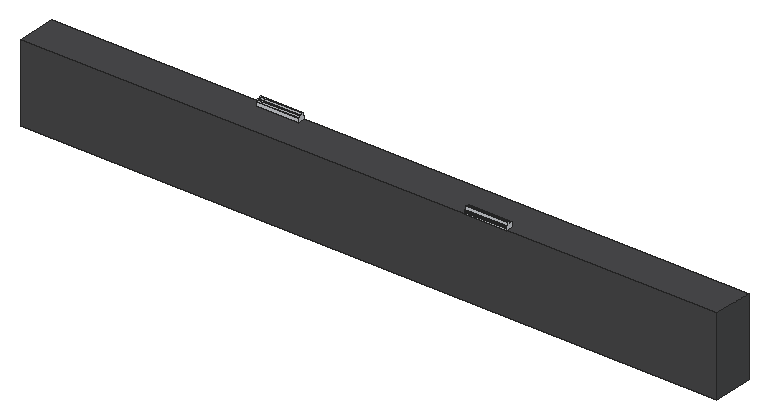
Revit family "DTM30W6.1.24", category Luminarias, Revit 2019
Family settings
  Cota de conector redondo = Diámetro de uso
  Tipo de pieza = Normal
  Se basa en plano de trabajo = Sí
  Siempre vertical = Sí
  Corte con vacíos al cargar = No
  Origen de luz = Sí
  Compartido = No
  Punto de cálculo de habitación = No
Parameters (values of type "RECTANGULAR DWN RIEL_DTM30W6.1.24")
  Ángulo de inclinación = 60.00°
  Zone [instance] = ""
  Watt per fixture = 15
  Wattage = 30.4 W
  built-in parameter 1150107 = 3000 (stored number, unit not read)
  built-in parameter 1150110 = 1 (stored number, unit not read)
  built-in parameter 1150109 = 1 (stored number, unit not read)
  built-in parameter 1150112 = 1 (stored number, unit not read)
  built-in parameter 1150113 = 1 (stored number, unit not read)
  built-in parameter 1114218 = 1 (stored number, unit not read)
  Keynote = ""
  built-in parameter 1150137 = (empty or 0)
  built-in parameter 1150132 = (empty or 0)
  Modelo = "DTM30W6.1.24"
  Lámpara = "3030SMD PHILIPS"
  built-in parameter 1150105 = 12785.8 (stored number, unit not read)
  built-in parameter 1150102 = (empty or 0)
  built-in parameter 1150106 = 127.86 (stored number, unit not read)
  Lumens = 2584 lm
  Color Filter = 16777215
  built-in parameter 1114217 = 1 (stored number, unit not read)
  built-in parameter 1150139 = (empty or 0)
  Fabricante = "BRILLANT"
  Default Elevation = 1219.2 mm
  built-in parameter 1150104 = 7.8968 (stored number, unit not read)
  Descripción = "LUMINARIA DOWNLIGHT EN FORMATO RECTANGULAR COMPATIBLE CON RIEL DE 6 ENTRADAS Y 3 CIRCUITOS, CUERPO DE ALUMINIO ACABADO EN COLOR NEGRO, IP 20, PESO 1.40Kg, TIPO DE LED 3030SMD PHILIPS CON 30.4W TOTAL, 1400 LUMENES, 85LM/W, IRC 90, TEMPERATURA EN BLANCO CALIDO 3000K, 50 MIL HORAS DE VIDA PROMEDIO, APERTURA DE 24 GRADOS POR STOCK, ALIMENTADO A 90-240V"
  built-in parameter 1150115 = 1 (stored number, unit not read)
  built-in parameter 1150114 = 1 (stored number, unit not read)
  Comentarios de vataje = "90-240V"
  built-in parameter 1150138 = (empty or 0)
  built-in parameter 1150134 = (empty or 0)
  Circuit [instance] = ""
  Dimming Lamp Color Temperature Shift = (empty or 0)
  Archivo de red fotométrica = "L646A-30W-830-B-24_IESNA95.IES"
  built-in parameter 1150133 = 10 (stored number, unit not read)
Reference planes
  plane 1 "Centro (Frontal/Posterior)": y = 0
  plane 2: z = 0
  plane 3 "Centro (Izquierda/Derecha)": x = 0
Forms (mm)
  Extrusion 1, solid, material "Default Form"
    sketch origin (0, 0, 0) x (1, 0, 0) y (0, 0, 1)
      loop
        line (-323, 0) -> (-323, -72) -> (323, -72) -> (323, 0) -> (-323, 0)
    from -18.326 to 18.326
  Extrusion 2, solid
    sketch origin (0, 0, 3.217) x (0, 1, 0) y (0, 0, 1)
      loop
        line (-12.149, -3.217) -> (-12.149, 0) -> (-12.935, 0) -> (-12.935, 1.637) -> (-13.796, 1.637) -> (-13.796, 0) -> (-14.582, 0) -> (-14.582, 0.811) -> (-15.443, 0.811) -> (-15.443, 0) -> (-16.233, 0) -> (-16.233, 2.691) -> (-17.279, 2.691) -> (-17.279, 0) -> (-18.061, 0) -> (-18.061, -0.861) -> (-17.162, -0.861) -> (-17.162, -2.042) -> (-18.326, -2.042) -> (-18.326, -3.217) -> (-12.149, -3.217)
    from 89.098 to 128.24
  Extrusion 3, solid
    sketch origin (0, 0, 3.217) x (0, -1, 0) y (0, 0, 1)
      loop
        line (-12.149, -3.217) -> (-12.149, 0) -> (-12.935, 0) -> (-12.935, 1.637) -> (-13.796, 1.637) -> (-13.796, 0) -> (-14.582, 0) -> (-14.582, 0.811) -> (-15.443, 0.811) -> (-15.443, 0) -> (-16.233, 0) -> (-16.233, 2.691) -> (-17.279, 2.691) -> (-17.279, 0) -> (-18.061, 0) -> (-18.061, -0.861) -> (-17.162, -0.861) -> (-17.162, -2.042) -> (-18.326, -2.042) -> (-18.326, -3.217) -> (-12.149, -3.217)
    from 89.098 to 128.24
  Blend 4, void
    base sketch origin (-142.93, 0, 0) x (1, 0, 0) y (0, 1, 0)
      loop
        line (-162, 16.149) -> (-162, -16.149) -> (-144.14, -16.149) -> (-144.14, 16.149) -> (-162, 16.149)
    top sketch origin (-142.93, 0, 0) x (1, 0, 0) y (0, 1, 0)
      loop
        line (-160, 12.149) -> (-160, -12.149) -> (-146.14, -12.149) -> (-146.14, 12.149) -> (-160, 12.149)
    from -72 to -61.591
  Blend 5, void
    base sketch origin (-115.93, 0, 0) x (1, 0, 0) y (0, 1, 0)
      loop
        line (-162, 16.149) -> (-162, -16.149) -> (-144.14, -16.149) -> (-144.14, 16.149) -> (-162, 16.149)
    top sketch origin (-115.93, 0, 0) x (1, 0, 0) y (0, 1, 0)
      loop
        line (-160, 12.149) -> (-160, -12.149) -> (-146.14, -12.149) -> (-146.14, 12.149) -> (-160, 12.149)
    from -72 to -61.591
  Blend 6, void
    base sketch origin (-88.93, 0, 0) x (1, 0, 0) y (0, 1, 0)
      loop
        line (-162, 16.149) -> (-162, -16.149) -> (-144.14, -16.149) -> (-144.14, 16.149) -> (-162, 16.149)
    top sketch origin (-88.93, 0, 0) x (1, 0, 0) y (0, 1, 0)
      loop
        line (-160, 12.149) -> (-160, -12.149) -> (-146.14, -12.149) -> (-146.14, 12.149) -> (-160, 12.149)
    from -72 to -61.591
  Blend 7, void
    base sketch origin (-61.93, 0, 0) x (1, 0, 0) y (0, 1, 0)
      loop
        line (-162, 16.149) -> (-162, -16.149) -> (-144.14, -16.149) -> (-144.14, 16.149) -> (-162, 16.149)
    top sketch origin (-61.93, 0, 0) x (1, 0, 0) y (0, 1, 0)
      loop
        line (-160, 12.149) -> (-160, -12.149) -> (-146.14, -12.149) -> (-146.14, 12.149) -> (-160, 12.149)
    from -72 to -61.591
  Blend 8, void
    base sketch origin (-34.93, 0, 0) x (1, 0, 0) y (0, 1, 0)
      loop
        line (-162, 16.149) -> (-162, -16.149) -> (-144.14, -16.149) -> (-144.14, 16.149) -> (-162, 16.149)
    top sketch origin (-34.93, 0, 0) x (1, 0, 0) y (0, 1, 0)
      loop
        line (-160, 12.149) -> (-160, -12.149) -> (-146.14, -12.149) -> (-146.14, 12.149) -> (-160, 12.149)
    from -72 to -61.591
  Blend 9, void
    base sketch origin (-7.93, 0, 0) x (1, 0, 0) y (0, 1, 0)
      loop
        line (-162, 16.149) -> (-162, -16.149) -> (-144.14, -16.149) -> (-144.14, 16.149) -> (-162, 16.149)
    top sketch origin (-7.93, 0, 0) x (1, 0, 0) y (0, 1, 0)
      loop
        line (-160, 12.149) -> (-160, -12.149) -> (-146.14, -12.149) -> (-146.14, 12.149) -> (-160, 12.149)
    from -72 to -61.591
  Blend 10, void
    base sketch origin (19.07, 0, 0) x (1, 0, 0) y (0, 1, 0)
      loop
        line (-162, 16.149) -> (-162, -16.149) -> (-144.14, -16.149) -> (-144.14, 16.149) -> (-162, 16.149)
    top sketch origin (19.07, 0, 0) x (1, 0, 0) y (0, 1, 0)
      loop
        line (-160, 12.149) -> (-160, -12.149) -> (-146.14, -12.149) -> (-146.14, 12.149) -> (-160, 12.149)
    from -72 to -61.591
  Blend 11, void
    base sketch origin (46.07, 0, 0) x (1, 0, 0) y (0, 1, 0)
      loop
        line (-162, 16.149) -> (-162, -16.149) -> (-144.14, -16.149) -> (-144.14, 16.149) -> (-162, 16.149)
    top sketch origin (46.07, 0, 0) x (1, 0, 0) y (0, 1, 0)
      loop
        line (-160, 12.149) -> (-160, -12.149) -> (-146.14, -12.149) -> (-146.14, 12.149) -> (-160, 12.149)
    from -72 to -61.591
  Blend 12, void
    base sketch origin (73.07, 0, 0) x (1, 0, 0) y (0, 1, 0)
      loop
        line (-162, 16.149) -> (-162, -16.149) -> (-144.14, -16.149) -> (-144.14, 16.149) -> (-162, 16.149)
    top sketch origin (73.07, 0, 0) x (1, 0, 0) y (0, 1, 0)
      loop
        line (-160, 12.149) -> (-160, -12.149) -> (-146.14, -12.149) -> (-146.14, 12.149) -> (-160, 12.149)
    from -72 to -61.591
  Blend 13, void
    base sketch origin (100.07, 0, 0) x (1, 0, 0) y (0, 1, 0)
      loop
        line (-162, 16.149) -> (-162, -16.149) -> (-144.14, -16.149) -> (-144.14, 16.149) -> (-162, 16.149)
    top sketch origin (100.07, 0, 0) x (1, 0, 0) y (0, 1, 0)
      loop
        line (-160, 12.149) -> (-160, -12.149) -> (-146.14, -12.149) -> (-146.14, 12.149) -> (-160, 12.149)
    from -72 to -61.591
  Blend 14, void
    base sketch origin (127.07, 0, 0) x (1, 0, 0) y (0, 1, 0)
      loop
        line (-162, 16.149) -> (-162, -16.149) -> (-144.14, -16.149) -> (-144.14, 16.149) -> (-162, 16.149)
    top sketch origin (127.07, 0, 0) x (1, 0, 0) y (0, 1, 0)
      loop
        line (-160, 12.149) -> (-160, -12.149) -> (-146.14, -12.149) -> (-146.14, 12.149) -> (-160, 12.149)
    from -72 to -61.591
  Blend 15, void
    base sketch origin (154.07, 0, 0) x (1, 0, 0) y (0, 1, 0)
      loop
        line (-162, 16.149) -> (-162, -16.149) -> (-144.14, -16.149) -> (-144.14, 16.149) -> (-162, 16.149)
    top sketch origin (154.07, 0, 0) x (1, 0, 0) y (0, 1, 0)
      loop
        line (-160, 12.149) -> (-160, -12.149) -> (-146.14, -12.149) -> (-146.14, 12.149) -> (-160, 12.149)
    from -72 to -61.591
  Blend 16, void
    base sketch origin (181.07, 0, 0) x (1, 0, 0) y (0, 1, 0)
      loop
        line (-162, 16.149) -> (-162, -16.149) -> (-144.14, -16.149) -> (-144.14, 16.149) -> (-162, 16.149)
    top sketch origin (181.07, 0, 0) x (1, 0, 0) y (0, 1, 0)
      loop
        line (-160, 12.149) -> (-160, -12.149) -> (-146.14, -12.149) -> (-146.14, 12.149) -> (-160, 12.149)
    from -72 to -61.591
  Blend 17, void
    base sketch origin (208.07, 0, 0) x (1, 0, 0) y (0, 1, 0)
      loop
        line (-162, 16.149) -> (-162, -16.149) -> (-144.14, -16.149) -> (-144.14, 16.149) -> (-162, 16.149)
    top sketch origin (208.07, 0, 0) x (1, 0, 0) y (0, 1, 0)
      loop
        line (-160, 12.149) -> (-160, -12.149) -> (-146.14, -12.149) -> (-146.14, 12.149) -> (-160, 12.149)
    from -72 to -61.591
  Blend 18, void
    base sketch origin (235.07, 0, 0) x (1, 0, 0) y (0, 1, 0)
      loop
        line (-162, 16.149) -> (-162, -16.149) -> (-144.14, -16.149) -> (-144.14, 16.149) -> (-162, 16.149)
    top sketch origin (235.07, 0, 0) x (1, 0, 0) y (0, 1, 0)
      loop
        line (-160, 12.149) -> (-160, -12.149) -> (-146.14, -12.149) -> (-146.14, 12.149) -> (-160, 12.149)
    from -72 to -61.591
  Blend 19, void
    base sketch origin (262.07, 0, 0) x (1, 0, 0) y (0, 1, 0)
      loop
        line (-162, 16.149) -> (-162, -16.149) -> (-144.14, -16.149) -> (-144.14, 16.149) -> (-162, 16.149)
    top sketch origin (262.07, 0, 0) x (1, 0, 0) y (0, 1, 0)
      loop
        line (-160, 12.149) -> (-160, -12.149) -> (-146.14, -12.149) -> (-146.14, 12.149) -> (-160, 12.149)
    from -72 to -61.591
  Blend 20, void
    base sketch origin (289.07, 0, 0) x (1, 0, 0) y (0, 1, 0)
      loop
        line (-162, 16.149) -> (-162, -16.149) -> (-144.14, -16.149) -> (-144.14, 16.149) -> (-162, 16.149)
    top sketch origin (289.07, 0, 0) x (1, 0, 0) y (0, 1, 0)
      loop
        line (-160, 12.149) -> (-160, -12.149) -> (-146.14, -12.149) -> (-146.14, 12.149) -> (-160, 12.149)
    from -72 to -61.591
  Blend 21, void
    base sketch origin (316.07, 0, 0) x (1, 0, 0) y (0, 1, 0)
      loop
        line (-162, 16.149) -> (-162, -16.149) -> (-144.14, -16.149) -> (-144.14, 16.149) -> (-162, 16.149)
    top sketch origin (316.07, 0, 0) x (1, 0, 0) y (0, 1, 0)
      loop
        line (-160, 12.149) -> (-160, -12.149) -> (-146.14, -12.149) -> (-146.14, 12.149) -> (-160, 12.149)
    from -72 to -61.591
  Blend 22, void
    base sketch origin (343.07, 0, 0) x (1, 0, 0) y (0, 1, 0)
      loop
        line (-162, 16.149) -> (-162, -16.149) -> (-144.14, -16.149) -> (-144.14, 16.149) -> (-162, 16.149)
    top sketch origin (343.07, 0, 0) x (1, 0, 0) y (0, 1, 0)
      loop
        line (-160, 12.149) -> (-160, -12.149) -> (-146.14, -12.149) -> (-146.14, 12.149) -> (-160, 12.149)
    from -72 to -61.591
  Blend 23, void
    base sketch origin (370.07, 0, 0) x (1, 0, 0) y (0, 1, 0)
      loop
        line (-162, 16.149) -> (-162, -16.149) -> (-144.14, -16.149) -> (-144.14, 16.149) -> (-162, 16.149)
    top sketch origin (370.07, 0, 0) x (1, 0, 0) y (0, 1, 0)
      loop
        line (-160, 12.149) -> (-160, -12.149) -> (-146.14, -12.149) -> (-146.14, 12.149) -> (-160, 12.149)
    from -72 to -61.591
  Blend 24, void
    base sketch origin (397.07, 0, 0) x (1, 0, 0) y (0, 1, 0)
      loop
        line (-162, 16.149) -> (-162, -16.149) -> (-144.14, -16.149) -> (-144.14, 16.149) -> (-162, 16.149)
    top sketch origin (397.07, 0, 0) x (1, 0, 0) y (0, 1, 0)
      loop
        line (-160, 12.149) -> (-160, -12.149) -> (-146.14, -12.149) -> (-146.14, 12.149) -> (-160, 12.149)
    from -72 to -61.591
  Blend 25, void
    base sketch origin (424.07, 0, 0) x (1, 0, 0) y (0, 1, 0)
      loop
        line (-162, 16.149) -> (-162, -16.149) -> (-144.14, -16.149) -> (-144.14, 16.149) -> (-162, 16.149)
    top sketch origin (424.07, 0, 0) x (1, 0, 0) y (0, 1, 0)
      loop
        line (-160, 12.149) -> (-160, -12.149) -> (-146.14, -12.149) -> (-146.14, 12.149) -> (-160, 12.149)
    from -72 to -61.591
  Blend 26, void
    base sketch origin (451.07, 0, 0) x (1, 0, 0) y (0, 1, 0)
      loop
        line (-162, 16.149) -> (-162, -16.149) -> (-144.14, -16.149) -> (-144.14, 16.149) -> (-162, 16.149)
    top sketch origin (451.07, 0, 0) x (1, 0, 0) y (0, 1, 0)
      loop
        line (-160, 12.149) -> (-160, -12.149) -> (-146.14, -12.149) -> (-146.14, 12.149) -> (-160, 12.149)
    from -72 to -61.591
Cuts and joins
  Blend 4, Blend 5, Blend 6, Blend 7, Blend 8, Blend 9, Blend 10, Blend 11, Blend 12, Blend 13, Blend 14, Blend 15, Blend 16, Blend 17, Blend 18, Blend 19, Blend 20, Blend 21, Blend 22, Blend 23, Blend 24, Blend 25, Blend 26 cuts Extrusion 1
Dimensions and locks
  equal spacing: Extrusion 1, plane 1 "Centro (Frontal/Posterior)", Extrusion 1
  Extrusion 1 to plane 1 "Centro (Frontal/Posterior)" = 18.326 mm
  Extrusion 1 to Extrusion 1 = 36.651 mm
  Extrusion 1 to Extrusion 1 = 72 mm
  Extrusion 1 to Extrusion 1 = 646 mm
  cut or joined group 1 (Extrusion 1, Blend 4, Blend 5, Blend 6, Blend 7, Blend 8, Blend 9, Blend 10, Blend 11, Blend 12, Blend 13, Blend 14, Blend 15, Blend 16, Blend 17, Blend 18, Blend 19, Blend 20, Blend 21, Blend 22, Blend 23, Blend 24, Blend 25, Blend 26) to cut or joined group 1 = 72 mm
  cut or joined group 1 to cut or joined group 1 = 36.651 mm
  cut or joined group 1 to cut or joined group 1 = 646 mm
  equal spacing: cut or joined group 1, plane 1 "Centro (Frontal/Posterior)", cut or joined group 1
  aligned and locked: level to plane 2
Automatic sketch dimensions
  Extrusion 1 sketch curve to level = 0 mm
  Extrusion 1 sketch curve to level = 72 mm
  Extrusion 1 sketch curve to plane 3 "Centro (Izquierda/Derecha)" = 323 mm
  plane 3 "Centro (Izquierda/Derecha)" to Extrusion 1 sketch curve = 323 mm
  Extrusion 2 sketch curve to level = 0 mm
  level to Extrusion 2 sketch curve = 1.175 mm
  plane 1 "Centro (Frontal/Posterior)" to Extrusion 2 sketch curve = 18.326 mm
  Extrusion 2 sketch curve to Extrusion 2 sketch curve = 0.265 mm
  Extrusion 2 sketch curve to Extrusion 2 sketch curve = 0.782 mm
  Extrusion 2 sketch curve to Extrusion 2 sketch curve = 1.164 mm
  Extrusion 2 sketch curve to Extrusion 2 sketch curve = 1.046 mm
  Extrusion 2 sketch curve to Extrusion 2 sketch curve = 0.789 mm
  Extrusion 2 sketch curve to Extrusion 2 sketch curve = 0.861 mm  (x3)
  Extrusion 2 sketch curve to Extrusion 2 sketch curve = 0.786 mm
  Extrusion 2 sketch curve to Extrusion 2 sketch curve = 0.785 mm
  Extrusion 2 sketch curve to Extrusion 2 sketch curve = 1.181 mm
  level to Extrusion 2 sketch curve = 3.217 mm
  Extrusion 2 sketch curve to Extrusion 2 sketch curve = 0 mm  (x2)
  Extrusion 2 sketch curve to Extrusion 2 sketch curve = 0.811 mm
  Extrusion 2 sketch curve to Extrusion 2 sketch curve = 0.826 mm
  Extrusion 2 sketch curve to Extrusion 2 sketch curve = 1.88 mm
  Extrusion 3 sketch curve to level = 0 mm
  level to Extrusion 3 sketch curve = 1.175 mm
  Extrusion 3 sketch curve to plane 1 "Centro (Frontal/Posterior)" = 18.326 mm
  Extrusion 3 sketch curve to Extrusion 3 sketch curve = 0.265 mm
  Extrusion 3 sketch curve to Extrusion 3 sketch curve = 0.782 mm
  Extrusion 3 sketch curve to Extrusion 3 sketch curve = 1.164 mm
  Extrusion 3 sketch curve to Extrusion 3 sketch curve = 1.046 mm
  Extrusion 3 sketch curve to Extrusion 3 sketch curve = 0.789 mm
  Extrusion 3 sketch curve to Extrusion 3 sketch curve = 0.861 mm  (x3)
  Extrusion 3 sketch curve to Extrusion 3 sketch curve = 0.786 mm
  Extrusion 3 sketch curve to Extrusion 3 sketch curve = 0.785 mm
  Extrusion 3 sketch curve to Extrusion 3 sketch curve = 1.181 mm
  level to Extrusion 3 sketch curve = 3.217 mm
  Extrusion 3 sketch curve to Extrusion 3 sketch curve = 0 mm  (x2)
  Extrusion 3 sketch curve to Extrusion 3 sketch curve = 0.811 mm
  Extrusion 3 sketch curve to Extrusion 3 sketch curve = 0.826 mm
  Extrusion 3 sketch curve to Extrusion 3 sketch curve = 1.88 mm
  Blend 4 sketch curve to plane 1 "Centro (Frontal/Posterior)" = 16.149 mm
  Blend 4 sketch curve to plane 3 "Centro (Izquierda/Derecha)" = 304.93 mm
  Blend 4 sketch curve to Blend 4 sketch curve = 17.86 mm
  plane 1 "Centro (Frontal/Posterior)" to Blend 4 sketch curve = 16.149 mm
  Blend 4 sketch curve to plane 1 "Centro (Frontal/Posterior)" = 12.149 mm
  Blend 4 sketch curve to plane 3 "Centro (Izquierda/Derecha)" = 302.93 mm
  Blend 4 sketch curve to Blend 4 sketch curve = 13.86 mm
  plane 1 "Centro (Frontal/Posterior)" to Blend 4 sketch curve = 12.149 mm
  Blend 5 sketch curve to Blend 5 sketch curve = 17.86 mm
  Blend 5 sketch curve to Blend 5 sketch curve = 13.86 mm
  Blend 5 sketch curve to Blend 5 sketch curve = 32.298 mm
  Blend 5 sketch curve to Blend 5 sketch curve = 24.298 mm
  Blend 6 sketch curve to Blend 6 sketch curve = 17.86 mm
  Blend 6 sketch curve to Blend 6 sketch curve = 13.86 mm
  Blend 6 sketch curve to Blend 6 sketch curve = 32.298 mm
  Blend 6 sketch curve to Blend 6 sketch curve = 24.298 mm
  Blend 7 sketch curve to Blend 7 sketch curve = 17.86 mm
  Blend 7 sketch curve to Blend 7 sketch curve = 13.86 mm
  Blend 7 sketch curve to Blend 7 sketch curve = 32.298 mm
  Blend 7 sketch curve to Blend 7 sketch curve = 24.298 mm
  Blend 8 sketch curve to Blend 8 sketch curve = 17.86 mm
  Blend 8 sketch curve to Blend 8 sketch curve = 13.86 mm
  Blend 8 sketch curve to Blend 8 sketch curve = 32.298 mm
  Blend 8 sketch curve to Blend 8 sketch curve = 24.298 mm
  Blend 9 sketch curve to Blend 9 sketch curve = 17.86 mm
  Blend 9 sketch curve to Blend 9 sketch curve = 13.86 mm
  Blend 9 sketch curve to Blend 9 sketch curve = 32.298 mm
  Blend 9 sketch curve to Blend 9 sketch curve = 24.298 mm
  Blend 10 sketch curve to Blend 10 sketch curve = 17.86 mm
  Blend 10 sketch curve to Blend 10 sketch curve = 13.86 mm
  Blend 10 sketch curve to Blend 10 sketch curve = 32.298 mm
  Blend 10 sketch curve to Blend 10 sketch curve = 24.298 mm
  Blend 11 sketch curve to Blend 11 sketch curve = 17.86 mm
  Blend 11 sketch curve to Blend 11 sketch curve = 13.86 mm
  Blend 11 sketch curve to Blend 11 sketch curve = 32.298 mm
  Blend 11 sketch curve to Blend 11 sketch curve = 24.298 mm
  Blend 12 sketch curve to Blend 12 sketch curve = 17.86 mm
  Blend 12 sketch curve to Blend 12 sketch curve = 13.86 mm
  Blend 12 sketch curve to Blend 12 sketch curve = 32.298 mm
  Blend 12 sketch curve to Blend 12 sketch curve = 24.298 mm
  Blend 13 sketch curve to Blend 13 sketch curve = 17.86 mm
  Blend 13 sketch curve to Blend 13 sketch curve = 13.86 mm
  Blend 13 sketch curve to Blend 13 sketch curve = 32.298 mm
  Blend 13 sketch curve to Blend 13 sketch curve = 24.298 mm
  Blend 14 sketch curve to Blend 14 sketch curve = 17.86 mm
  Blend 14 sketch curve to Blend 14 sketch curve = 13.86 mm
  Blend 14 sketch curve to Blend 14 sketch curve = 32.298 mm
  Blend 14 sketch curve to Blend 14 sketch curve = 24.298 mm
  Blend 15 sketch curve to Blend 15 sketch curve = 17.86 mm
  Blend 15 sketch curve to Blend 15 sketch curve = 13.86 mm
  Blend 15 sketch curve to Blend 15 sketch curve = 32.298 mm
  Blend 15 sketch curve to Blend 15 sketch curve = 24.298 mm
  Blend 16 sketch curve to Blend 16 sketch curve = 17.86 mm
  Blend 16 sketch curve to Blend 16 sketch curve = 13.86 mm
  Blend 16 sketch curve to Blend 16 sketch curve = 32.298 mm
  Blend 16 sketch curve to Blend 16 sketch curve = 24.298 mm
  Blend 17 sketch curve to Blend 17 sketch curve = 17.86 mm
  Blend 17 sketch curve to Blend 17 sketch curve = 13.86 mm
  Blend 17 sketch curve to Blend 17 sketch curve = 32.298 mm
  Blend 17 sketch curve to Blend 17 sketch curve = 24.298 mm
  Blend 18 sketch curve to Blend 18 sketch curve = 17.86 mm
  Blend 18 sketch curve to Blend 18 sketch curve = 13.86 mm
  Blend 18 sketch curve to Blend 18 sketch curve = 32.298 mm
  Blend 18 sketch curve to Blend 18 sketch curve = 24.298 mm
  Blend 19 sketch curve to Blend 19 sketch curve = 17.86 mm
  Blend 19 sketch curve to Blend 19 sketch curve = 13.86 mm
  Blend 19 sketch curve to Blend 19 sketch curve = 32.298 mm
  Blend 19 sketch curve to Blend 19 sketch curve = 24.298 mm
  Blend 20 sketch curve to Blend 20 sketch curve = 17.86 mm
  Blend 20 sketch curve to Blend 20 sketch curve = 13.86 mm
  Blend 20 sketch curve to Blend 20 sketch curve = 32.298 mm
  Blend 20 sketch curve to Blend 20 sketch curve = 24.298 mm
  Blend 21 sketch curve to Blend 21 sketch curve = 17.86 mm
  Blend 21 sketch curve to Blend 21 sketch curve = 13.86 mm
  Blend 21 sketch curve to Blend 21 sketch curve = 32.298 mm
  Blend 21 sketch curve to Blend 21 sketch curve = 24.298 mm
  Blend 22 sketch curve to Blend 22 sketch curve = 17.86 mm
  Blend 22 sketch curve to Blend 22 sketch curve = 13.86 mm
  Blend 22 sketch curve to Blend 22 sketch curve = 32.298 mm
  Blend 22 sketch curve to Blend 22 sketch curve = 24.298 mm
  Blend 23 sketch curve to Blend 23 sketch curve = 17.86 mm
  Blend 23 sketch curve to Blend 23 sketch curve = 13.86 mm
  Blend 23 sketch curve to Blend 23 sketch curve = 32.298 mm
  Blend 23 sketch curve to Blend 23 sketch curve = 24.298 mm
  Blend 24 sketch curve to Blend 24 sketch curve = 17.86 mm
  Blend 24 sketch curve to Blend 24 sketch curve = 13.86 mm
  Blend 24 sketch curve to Blend 24 sketch curve = 32.298 mm
  Blend 24 sketch curve to Blend 24 sketch curve = 24.298 mm
  Blend 25 sketch curve to Blend 25 sketch curve = 17.86 mm
  Blend 25 sketch curve to Blend 25 sketch curve = 13.86 mm
  Blend 25 sketch curve to Blend 25 sketch curve = 32.298 mm
  Blend 25 sketch curve to Blend 25 sketch curve = 24.298 mm
  Blend 26 sketch curve to Blend 26 sketch curve = 17.86 mm
  Blend 26 sketch curve to Blend 26 sketch curve = 13.86 mm
  Blend 26 sketch curve to Blend 26 sketch curve = 32.298 mm
  Blend 26 sketch curve to Blend 26 sketch curve = 24.298 mm
  Blend 5 sketch curve to plane 1 "Centro (Frontal/Posterior)" = 16.149 mm
  Blend 5 sketch curve to plane 3 "Centro (Izquierda/Derecha)" = 277.93 mm
  Blend 5 sketch curve to plane 1 "Centro (Frontal/Posterior)" = 12.149 mm
  Blend 5 sketch curve to plane 3 "Centro (Izquierda/Derecha)" = 275.93 mm
  Blend 6 sketch curve to plane 1 "Centro (Frontal/Posterior)" = 16.149 mm
  Blend 6 sketch curve to plane 3 "Centro (Izquierda/Derecha)" = 250.93 mm
  Blend 6 sketch curve to plane 1 "Centro (Frontal/Posterior)" = 12.149 mm
  Blend 6 sketch curve to plane 3 "Centro (Izquierda/Derecha)" = 248.93 mm
  Blend 7 sketch curve to plane 1 "Centro (Frontal/Posterior)" = 16.149 mm
  Blend 7 sketch curve to plane 3 "Centro (Izquierda/Derecha)" = 223.93 mm
  Blend 7 sketch curve to plane 1 "Centro (Frontal/Posterior)" = 12.149 mm
  Blend 7 sketch curve to plane 3 "Centro (Izquierda/Derecha)" = 221.93 mm
  Blend 8 sketch curve to plane 1 "Centro (Frontal/Posterior)" = 16.149 mm
  Blend 8 sketch curve to plane 3 "Centro (Izquierda/Derecha)" = 196.93 mm
  Blend 8 sketch curve to plane 1 "Centro (Frontal/Posterior)" = 12.149 mm
  Blend 8 sketch curve to plane 3 "Centro (Izquierda/Derecha)" = 194.93 mm
  Blend 9 sketch curve to plane 1 "Centro (Frontal/Posterior)" = 16.149 mm
  Blend 9 sketch curve to plane 3 "Centro (Izquierda/Derecha)" = 169.93 mm
  Blend 9 sketch curve to plane 1 "Centro (Frontal/Posterior)" = 12.149 mm
  Blend 9 sketch curve to plane 3 "Centro (Izquierda/Derecha)" = 167.93 mm
  Blend 10 sketch curve to plane 1 "Centro (Frontal/Posterior)" = 16.149 mm
  Blend 10 sketch curve to plane 3 "Centro (Izquierda/Derecha)" = 142.93 mm
  Blend 10 sketch curve to plane 1 "Centro (Frontal/Posterior)" = 12.149 mm
  Blend 10 sketch curve to plane 3 "Centro (Izquierda/Derecha)" = 140.93 mm
  Blend 11 sketch curve to plane 1 "Centro (Frontal/Posterior)" = 16.149 mm
  Blend 11 sketch curve to plane 3 "Centro (Izquierda/Derecha)" = 115.93 mm
  Blend 11 sketch curve to plane 1 "Centro (Frontal/Posterior)" = 12.149 mm
  Blend 11 sketch curve to plane 3 "Centro (Izquierda/Derecha)" = 113.93 mm
  Blend 12 sketch curve to plane 1 "Centro (Frontal/Posterior)" = 16.149 mm
  Blend 12 sketch curve to plane 3 "Centro (Izquierda/Derecha)" = 88.93 mm
  Blend 12 sketch curve to plane 1 "Centro (Frontal/Posterior)" = 12.149 mm
  Blend 12 sketch curve to plane 3 "Centro (Izquierda/Derecha)" = 86.93 mm
  Blend 13 sketch curve to plane 1 "Centro (Frontal/Posterior)" = 16.149 mm
  Blend 13 sketch curve to plane 3 "Centro (Izquierda/Derecha)" = 61.93 mm
  Blend 13 sketch curve to plane 1 "Centro (Frontal/Posterior)" = 12.149 mm
  Blend 13 sketch curve to plane 3 "Centro (Izquierda/Derecha)" = 59.93 mm
  Blend 14 sketch curve to plane 1 "Centro (Frontal/Posterior)" = 16.149 mm
  Blend 14 sketch curve to plane 3 "Centro (Izquierda/Derecha)" = 34.93 mm
  Blend 14 sketch curve to plane 1 "Centro (Frontal/Posterior)" = 12.149 mm
  Blend 14 sketch curve to plane 3 "Centro (Izquierda/Derecha)" = 32.93 mm
  Blend 15 sketch curve to plane 3 "Centro (Izquierda/Derecha)" = 7.93 mm
  plane 1 "Centro (Frontal/Posterior)" to Blend 15 sketch curve = 16.149 mm
  Blend 15 sketch curve to plane 3 "Centro (Izquierda/Derecha)" = 5.93 mm
  plane 1 "Centro (Frontal/Posterior)" to Blend 15 sketch curve = 12.149 mm
  plane 3 "Centro (Izquierda/Derecha)" to Blend 16 sketch curve = 19.07 mm
  plane 1 "Centro (Frontal/Posterior)" to Blend 16 sketch curve = 16.149 mm
  plane 3 "Centro (Izquierda/Derecha)" to Blend 16 sketch curve = 21.07 mm
  plane 1 "Centro (Frontal/Posterior)" to Blend 16 sketch curve = 12.149 mm
  Blend 17 sketch curve to plane 1 "Centro (Frontal/Posterior)" = 16.149 mm
  plane 3 "Centro (Izquierda/Derecha)" to Blend 17 sketch curve = 46.07 mm
  Blend 17 sketch curve to plane 1 "Centro (Frontal/Posterior)" = 12.149 mm
  plane 3 "Centro (Izquierda/Derecha)" to Blend 17 sketch curve = 48.07 mm
  Blend 18 sketch curve to plane 1 "Centro (Frontal/Posterior)" = 16.149 mm
  plane 3 "Centro (Izquierda/Derecha)" to Blend 18 sketch curve = 73.07 mm
  Blend 18 sketch curve to plane 1 "Centro (Frontal/Posterior)" = 12.149 mm
  plane 3 "Centro (Izquierda/Derecha)" to Blend 18 sketch curve = 75.07 mm
  Blend 19 sketch curve to plane 1 "Centro (Frontal/Posterior)" = 16.149 mm
  plane 3 "Centro (Izquierda/Derecha)" to Blend 19 sketch curve = 100.07 mm
  Blend 19 sketch curve to plane 1 "Centro (Frontal/Posterior)" = 12.149 mm
  plane 3 "Centro (Izquierda/Derecha)" to Blend 19 sketch curve = 102.07 mm
  Blend 20 sketch curve to plane 1 "Centro (Frontal/Posterior)" = 16.149 mm
  plane 3 "Centro (Izquierda/Derecha)" to Blend 20 sketch curve = 127.07 mm
  Blend 20 sketch curve to plane 1 "Centro (Frontal/Posterior)" = 12.149 mm
  plane 3 "Centro (Izquierda/Derecha)" to Blend 20 sketch curve = 129.07 mm
  Blend 21 sketch curve to plane 1 "Centro (Frontal/Posterior)" = 16.149 mm
  plane 3 "Centro (Izquierda/Derecha)" to Blend 21 sketch curve = 154.07 mm
  Blend 21 sketch curve to plane 1 "Centro (Frontal/Posterior)" = 12.149 mm
  plane 3 "Centro (Izquierda/Derecha)" to Blend 21 sketch curve = 156.07 mm
  Blend 22 sketch curve to plane 1 "Centro (Frontal/Posterior)" = 16.149 mm
  plane 3 "Centro (Izquierda/Derecha)" to Blend 22 sketch curve = 181.07 mm
  Blend 22 sketch curve to plane 1 "Centro (Frontal/Posterior)" = 12.149 mm
  plane 3 "Centro (Izquierda/Derecha)" to Blend 22 sketch curve = 183.07 mm
  Blend 23 sketch curve to plane 1 "Centro (Frontal/Posterior)" = 16.149 mm
  plane 3 "Centro (Izquierda/Derecha)" to Blend 23 sketch curve = 208.07 mm
  Blend 23 sketch curve to plane 1 "Centro (Frontal/Posterior)" = 12.149 mm
  plane 3 "Centro (Izquierda/Derecha)" to Blend 23 sketch curve = 210.07 mm
  Blend 24 sketch curve to plane 1 "Centro (Frontal/Posterior)" = 16.149 mm
  plane 3 "Centro (Izquierda/Derecha)" to Blend 24 sketch curve = 235.07 mm
  Blend 24 sketch curve to plane 1 "Centro (Frontal/Posterior)" = 12.149 mm
  plane 3 "Centro (Izquierda/Derecha)" to Blend 24 sketch curve = 237.07 mm
  Blend 25 sketch curve to plane 1 "Centro (Frontal/Posterior)" = 16.149 mm
  plane 3 "Centro (Izquierda/Derecha)" to Blend 25 sketch curve = 262.07 mm
  Blend 25 sketch curve to plane 1 "Centro (Frontal/Posterior)" = 12.149 mm
  plane 3 "Centro (Izquierda/Derecha)" to Blend 25 sketch curve = 264.07 mm
  Blend 26 sketch curve to plane 1 "Centro (Frontal/Posterior)" = 16.149 mm
  plane 3 "Centro (Izquierda/Derecha)" to Blend 26 sketch curve = 289.07 mm
  Blend 26 sketch curve to plane 1 "Centro (Frontal/Posterior)" = 12.149 mm
  plane 3 "Centro (Izquierda/Derecha)" to Blend 26 sketch curve = 291.07 mm
Connectors
  electrical at (0, 0, 0)
    settings: on cut or joined group 1, index 1, voltage 240 V, apparent load 0 VA, apparent load phase1 0 VA, apparent load phase2 0 VA, apparent load phase3 0 VA, power factor 1, load classification "Otro", number of poles 1, system type 31, power factor state 1, is connector primary yes, connector utility no, sub classification motor no, connector description ""
